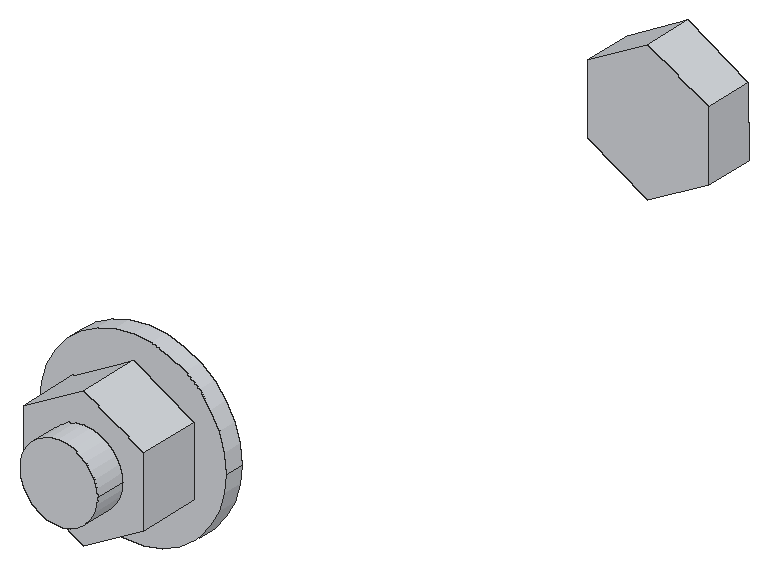
Revit family
Parameters
  Length [instance] = 100 mm
Reference planes
  plane 1 "Center (Front/Back)": y = 0
  plane 2: z = 0
  plane 3 "Center (Left/Right)": x = 0
  plane 4 "Head": y = 100
Forms (mm)
  Extrusion 1, solid
    sketch origin (0, 0, 0) x (1, 0, 0) y (0, 0, 1)
      loop
        circle (0, 0) r 6.194
    from 13 to 18
  Extrusion 2, solid
    sketch origin (0, 0, 0) x (1, 0, 0) y (0, 0, 1)
      loop
        line (-0.02, -11.261) -> (9.679, -5.661) -> (9.679, 5.539) -> (0, 11.127) -> (-9.689, 5.533) -> (-9.689, -5.678) -> (-0.02, -11.261)
    from 3 to 13
  Extrusion 3, solid
    sketch origin (0, 0, 0) x (1, 0, 0) y (0, 0, 1)
      loop
        circle (0, -0.086) r 15
    from 0 to 3
  Extrusion 4, solid
    sketch origin (0, 0, 0) x (1, 0, 0) y (0, 0, 1)
      loop
        line (-0.02, -11.261) -> (9.679, -5.661) -> (9.679, 5.539) -> (0, 11.127) -> (-9.689, 5.533) -> (-9.689, -5.678) -> (-0.02, -11.261)
    from 3 to 13
  Extrusion 5, solid
    sketch origin (0, 100, 0) x (1, 0, 0) y (0, 0, 1)
      loop
        line (-0.02, -11.261) -> (9.679, -5.661) -> (9.679, 5.539) -> (0, 11.127) -> (-9.689, 5.533) -> (-9.689, -5.678) -> (-0.02, -11.261)
    from -0.339 to -8.339
Lines and regions (mm)
  symbolic lines, style "Generic Model (Hidden)", detail levels medium+fine
    curve 1: line (6, 100.339, 0) -> (6, 0, 0)
    curve 2: line (-6, 100.339, 0) -> (-6, 0, 0)
    curve 3: line (0, 100, 5.845) -> (0, 0, 5.845)
    curve 4: line (0, 100, -6.155) -> (0, 0, -6.155)
Dimensions and locks
  "Length": plane 1 "Center (Front/Back)" to plane 4 "Head"
  equal spacing: curve 2, plane 3 "Center (Left/Right)", curve 1
  aligned and locked: import instance to Extrusion 2 sketch curve
  aligned and locked: Extrusion 2 sketch curve to import instance  (x2)
  aligned and locked: plane 3 "Center (Left/Right)" to Extrusion 2 sketch curve
  aligned and locked: Extrusion 2 to Extrusion 3
  aligned and locked: Extrusion 1 to Extrusion 2
  aligned and locked: import instance to Extrusion 5
  aligned and locked: Extrusion 5 to import instance
  aligned and locked: curve 1 to Extrusion 5
  aligned and locked: plane 1 "Center (Front/Back)" to curve 1
  aligned and locked: Extrusion 3 to curve 3
  aligned and locked: import instance to curve 3
  aligned and locked: plane 4 "Head" to curve 4
  aligned and locked: plane 1 "Center (Front/Back)" to curve 4
  aligned and locked: curve 4 to import instance
  aligned and locked: plane 4 "Head" to curve 3
Automatic sketch dimensions
  Extrusion 1 sketch curve to level = 0 mm
  Extrusion 1 sketch curve to plane 3 "Center (Left/Right)" = 0 mm
  Extrusion 2 sketch curve to plane 3 "Center (Left/Right)" = 0.02 mm
  Extrusion 2 sketch curve to plane 3 "Center (Left/Right)" = 9.689 mm
  Extrusion 2 sketch curve to level = 5.678 mm
  level to Extrusion 2 sketch curve = 5.533 mm
  Extrusion 3 sketch curve to level = 0.086 mm
  Extrusion 3 sketch curve to plane 3 "Center (Left/Right)" = 0 mm
  Extrusion 4 sketch curve to plane 3 "Center (Left/Right)" = 0 mm
  Extrusion 4 sketch curve to plane 3 "Center (Left/Right)" = 0.02 mm
  Extrusion 4 sketch curve to plane 3 "Center (Left/Right)" = 9.689 mm
  plane 3 "Center (Left/Right)" to Extrusion 4 sketch curve = 9.679 mm
  Extrusion 4 sketch curve to level = 11.261 mm
  Extrusion 4 sketch curve to level = 5.678 mm
  Extrusion 4 sketch curve to level = 5.661 mm
  level to Extrusion 4 sketch curve = 5.533 mm
  level to Extrusion 4 sketch curve = 5.539 mm
  level to Extrusion 4 sketch curve = 11.127 mm
  Extrusion 5 sketch curve to plane 3 "Center (Left/Right)" = 0 mm
  Extrusion 5 sketch curve to plane 3 "Center (Left/Right)" = 0.02 mm
  Extrusion 5 sketch curve to plane 3 "Center (Left/Right)" = 9.689 mm
  plane 3 "Center (Left/Right)" to Extrusion 5 sketch curve = 9.679 mm
  Extrusion 5 sketch curve to level = 11.261 mm
  Extrusion 5 sketch curve to level = 5.678 mm
  Extrusion 5 sketch curve to level = 5.661 mm
  level to Extrusion 5 sketch curve = 5.533 mm
  level to Extrusion 5 sketch curve = 5.539 mm
  level to Extrusion 5 sketch curve = 11.127 mm
  curve 2 to plane 1 "Center (Front/Back)" = 0 mm
  curve 2 to curve 1 = 0 mm
  curve 2 to plane 3 "Center (Left/Right)" = 6 mm
  radius of Extrusion 1 sketch curve = 6.194 mm
  radius of Extrusion 3 sketch curve = 15 mm
